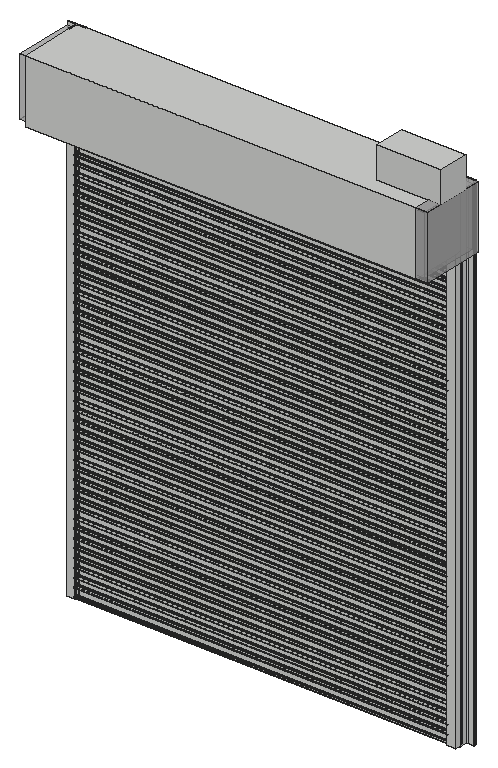
Revit family "Door-StormDefender-FaceOfWallMount_Cookson", category Doors, host Wall, Revit 2018
Family settings
  Host = Wall
  OmniClass Number = 23.30.10.17.27.11
  OmniClass Title = Overhead Coiling
  Always vertical = Yes
  Cut with Voids When Loaded = No
  Shared = No
  Room Calculation Point = No
Parameters (values of type "See Type Catalog")
  Type Comments = ""
  SpectraSheild Coating Information [instance] = "https://www.cooksondoor.com/accessory/spectrashield-powder-coating"
  Sizing for Opening Size = "Minimum 3ft x 3ft and Max Openings up to 14ft wide x 16ft high"  # constant formula
  Rating Offset = 0' - 5"
  Product Page = "https://www.cooksondoor.com/product/stormdefender-door_k"
  Opening Width = 14' - 0"
  Non-Fire-Rated (PSD361) = no
  Listings = "ICC 500 - 2014, FEMA P-361, [UL10B, UL1784 (fire rated model only)]"  # constant formula
  Jamb Dimension Note = "4 - 8In wide and 5-6In deep. Consult Cookson when dimensions are critical."  # constant formula
  Operator Right Side Horizontal OR = no
  Operator Left Side Horizontal OR = no
  Opening Height = 16' - 0"
  Operator Right Side Top OR = yes
  Operator Left Side Top OR = no
  Guide Height = Height - A Coil Hood Height  # 16' - 9"
  Fire-Rated (PRSD361) [instance] = yes
  E = 0' - 7 3/8"
  D = 0' - 3 1/2"  # constant formula
  Rough Height = 7' - 10 1/2"
  Revit Model Download Link = ""
  Product Options = "Seismic Performance Validation. Standard Emergency Annuciator: [ADA Compliant horn/strobe.  Voice Warning Module                                 \r\nStandard : Emergency Annunciator: [ADA compliant horn/strobe] [Voice Warning Module] emergency annunciator to give advanced warning that door is about to close, activating warning signal upon alarm or activation. \r\nStandard : Battery Back-Up: Model R-BBU Battery Back-Up System for AlarmGard Motor Operator: Prevent gravity closure for a minimum of four hours due to power failure.\r\nOperator and Full Bracket Mechanism Cover: Provide minimum 24 gauge [galvanized steel] [stainless steel] sheet metal cover [to provide weather resistance] [to enclose exposed moving operating components] at coil area of unit. Finish to match door hood."  # constant formula
  Operator Width = Width + 0' 9"  # 14' - 9"
  Guard Width = Width + if(Rating Offset = 0' 4 1/2", 0' 2 1/4", 0' 3 1/4")  # 14' - 3 1/4"
  Function = (empty or 0)
  Door Material [instance] = Metal - Stainless Steel - Cookson - SpectraShield Powder Coating - Light Gray
  Cost Note = "Based on size, materials selected. Consult Cookson."  # constant formula
  Cost = 0
  Cookson Products = "https://www.cooksondoor.com/products/rolling-doors"
  Cookson Custom Finishes [instance] = "https://www.cooksondoor.com/product-customization/ral-colors"
  Coil Dimension Note = "Consult Cornell when dimensions are critical."  # constant formula
  Clearances on Operator side Note = "9In-11In wide. Consult Cookson when dimensions are critical."  # constant formula
  Clearances on Adjuster side Note = "6In - 8In wide. Consult Cookson when dimensions are critical."  # constant formula
  CAD Resources = "https://www.cooksondoor.com/architect-tools-and-resources/generate-a-drawing?door=stormDefender.jsp"
  C = 0' - 5 1/2"  # constant formula
  Mounting = "Face of Wall "  # constant formula
  Wall Construction = "Steel or Masonry"  # constant formula
  Specifications = "https://www.cooksondoor.com/architectural-resource-homepage/download-library"
  Cookson Projects = "https://www.cooksondoor.com/inspiration"
  URL = "https://www.cooksondoor.com/"
  Subcategory = "Roll Up"
  Operator Height = 5' - 4"
  Operation = "Motor Operator"  # constant formula
  Operator on Right = not(or(Operator Left Side Horizontal OR, Operator Left Side Top OR))  # yes
  Operator on Left = not(or(Operator Right Side Horizontal OR, Operator Right Side Top OR))  # no
  Model = "PRSD361"
  Manufacturer = "Cookson:  1901 Litchfield Road, Goodyear, AZ 85338.  Telephone: (800) 294-4358"  # constant formula
  LEED Information = "https://www.cooksondoor.com/architectural-resource-homepage/leed-information"
  Height = Opening Height + 3' 2"  # 19' - 2"
  Wall Closure = (empty or 0)
  Width = if(Opening Width < 3' 0", 3' 0", if(Opening Width > 15' 0", 15' 0", Opening Width))  # 14' - 0"
  Description = "StormDefender is designed specifically to protect life in safe rooms for hurricanes and tornados. It is certified to stringent ICC500-2014 and FEMA P-361, Third Edition code standards, and connects directly to the building's alarm ssytem, ensuring the door deploys on alarm. The door is completely recessed in the ceiling, allowing complete design freedom for Safe Rooms in public institutions. A listed fire rated version is also available."  # constant formula
  Construction Type = ""
  B Coil Hood Depth = A Coil Hood Height  # 2' - 5"
  Assembly Code = "B2030410"
  Analytic Construction = "<None>"
  A Coil Hood Height = 2' - 5"
  95 CSI = "08330"  # constant formula
  Representative Disclaimer = "Cookson products are sold and installed through a nationwide network of independent distributors."  # constant formula
  Distributor Locator = "https://www.cooksondoor.com/find-a-dealer"
  04 CSI = "08 33 00"  # constant formula
  # Of Slats = (Guide Height / 0' 4")  # 50
Reference planes (in)
  plane 1 "Center (Front/Back)": y = 0
  plane 2 "Center (Left/Right)": x = 36.5
  plane 3 "Left": x = -47.5
  plane 4 "Right": x = 120.5
  plane 5 "Wall Edge": y = -3.25
  plane 6 "Top of Hood": z = 230
  plane 7: z = 4.39975
  plane 8: z = 4.39975
  plane 9: z = 6.41361
  plane 10: z = 10.41361
  plane 11: y = -5.125
  plane 12 "RatingOffset": x = -52.5
  plane 13 "Right Opening": x = -50
  plane 14 "Left Opening": x = 123
  plane 15: y = -6.249
  plane 16: x = -51.625
  plane 17: x = 125.5
  plane 18: x = 124.375
  plane 19: z = 192
  plane 20: z = 201
  plane 21: x = 146.5
  plane 22: x = 74
  plane 23: z = 48
  plane 24 "CurtainSlatFace": y = -7.5625
Forms (in)
  Extrusion 1, solid, material "Metal - Stainless Steel - Cookson - SpectraShield Powder Coating - Light Gray" <- "Door Material"
    sketch origin (36.5, 5.6875, 0) x (0, 1, 0) y (0, 0, 1)
      loop
        arc (-14.54091, 1.094) -> (-14.68883, 1.03273) -> (-14.75011, 0.8848) r 0.2092
        line (-14.75011, 0.8848) -> (-14.75011, 0.2092)
        arc (-14.75011, 0.2092) -> (-14.68883, 0.06127) -> (-14.54091, 0) r 0.2092
        line (-14.54091, 0) -> (-13.4592, 0)
        arc (-13.4592, 0) -> (-13.31127, 0.06127) -> (-13.25, 0.2092) r 0.2092
        line (-13.25, 0.2092) -> (-13.25, 3.7908)
        arc (-13.25, 3.7908) -> (-13.31127, 3.93873) -> (-13.4592, 4) r 0.2092
        line (-13.4592, 4) -> (-14.54091, 4)
        arc (-14.54091, 4) -> (-14.61487, 4.03064) -> (-14.64551, 4.1046) r 0.1046
        line (-14.64551, 4.1046) -> (-14.64551, 5.2704)
        arc (-14.64551, 5.2704) -> (-14.61487, 5.34436) -> (-14.54091, 5.375) r 0.1046
        line (-14.54091, 5.375) -> (-13.8546, 5.375)
        arc (-13.8546, 5.375) -> (-13.78064, 5.34436) -> (-13.75, 5.2704) r 0.1046
        line (-13.75, 5.2704) -> (-13.75, 4.75) -> (-13.6454, 4.75) -> (-13.6454, 5.2704)
        arc (-13.6454, 5.2704) -> (-13.70667, 5.41833) -> (-13.8546, 5.4796) r 0.2092
        line (-13.8546, 5.4796) -> (-14.54091, 5.4796)
        arc (-14.54091, 5.4796) -> (-14.68883, 5.41833) -> (-14.75011, 5.2704) r 0.2092
        line (-14.75011, 5.2704) -> (-14.75011, 4.1046)
        arc (-14.75011, 4.1046) -> (-14.68883, 3.95667) -> (-14.54091, 3.8954) r 0.2092
        line (-14.54091, 3.8954) -> (-13.4592, 3.8954)
        arc (-13.4592, 3.8954) -> (-13.38524, 3.86476) -> (-13.3546, 3.7908) r 0.1046
        line (-13.3546, 3.7908) -> (-13.3546, 0.2092)
        arc (-13.3546, 0.2092) -> (-13.38524, 0.13524) -> (-13.4592, 0.1046) r 0.1046
        line (-13.4592, 0.1046) -> (-14.54091, 0.1046)
        arc (-14.54091, 0.1046) -> (-14.61487, 0.13524) -> (-14.64551, 0.2092) r 0.1046
        line (-14.64551, 0.2092) -> (-14.64551, 0.8848)
        arc (-14.64551, 0.8848) -> (-14.61487, 0.95876) -> (-14.54091, 0.9894) r 0.1046
        line (-14.54091, 0.9894) -> (-13.9375, 0.9894) -> (-13.9375, 1.094) -> (-14.54091, 1.094)
      loop
        arc (-14.35818, 0.95815) -> (-14.50611, 0.89688) -> (-14.56738, 0.74895) r 0.2092
        line (-14.56738, 0.74895) -> (-14.56738, 0.34505)
        arc (-14.56738, 0.34505) -> (-14.50611, 0.19712) -> (-14.35818, 0.13585) r 0.2092
        line (-14.35818, 0.13585) -> (-13.43273, 0.13585) -> (-13.43273, 0.24045) -> (-14.35818, 0.24045)
        arc (-14.35818, 0.24045) -> (-14.43215, 0.27109) -> (-14.46278, 0.34505) r 0.1046
        line (-14.46278, 0.34505) -> (-14.46278, 0.74895)
        arc (-14.46278, 0.74895) -> (-14.43215, 0.82291) -> (-14.35818, 0.85355) r 0.1046
        line (-14.35818, 0.85355) -> (-13.43273, 0.85355) -> (-13.43273, 0.95815) -> (-14.35818, 0.95815)
    from -85.625 to 85.625
Lines and regions (in)
  Opening 1
    outline origin (-90, -3.25, 0) x (1, 0, 0) y (0, 0, 1)
      loop
        line (42.5, 0) -> (210.5, 0) -> (210.5, 192) -> (42.5, 192) -> (42.5, 0)
  symbolic lines
    curve 1: line (-49.125, -7.5625, 0) -> (122.125, -7.5625, 0)
    curve 2: line (-49.125, -9.06261, 0) -> (-49.125, -7.5625, 0)
    curve 3: line (122.125, -9.06261, 0) -> (-49.125, -9.06261, 0)
    curve 4: line (122.125, -7.5625, 0) -> (122.125, -9.06261, 0)
Text (in)
  text "Exterior" at (-74.96733, 43.29818, 0), in view "Ref. Level"
  text "Interior" at (-74.96733, -25.14366, 0), in view "Ref. Level"
  text "Exterior" at (0, 40.15149, 123.01588), in view "Right"
  text "Interior" at (0, -64.39139, 123.01588), in view "Right"
  text "Interior" at (0, -99.68667, 224.54229), in view "Left"
  text "Exterior" at (0, 121.89301, 224.54229), in view "Left"
Dimensions and locks (in)
  equal spacing: plane 3 "Left", plane 2 "Center (Left/Right)", plane 4 "Right"
  "Width": plane 3 "Left" to plane 4 "Right"
  locked: level to plane 7 at 4.39975
  locked: level to plane 8 at 4.39975
  locked: plane 9 to level at 6.41361
  level to plane 10 = 0' - 10.41361"
  locked: plane 13 "Right Opening" to plane 3 "Left" at 2.5
  locked: plane 4 "Right" to plane 14 "Left Opening" at 2.5
  locked: plane 5 "Wall Edge" to plane 11 at 1.875
  locked: plane 5 "Wall Edge" to plane 15 at 2.999
  locked: plane 17 to plane 18 at 1.125
  "Rating Offset": plane 4 "Right" to plane 17
  "Rating Offset": plane 12 "RatingOffset" to plane 3 "Left"
  locked: plane 16 to plane 3 "Left" at 4.125
  plane 23 to level = 4' - 0"
  plane 14 "Left Opening" to plane 21 = 1' - 11 1/2"
  "Opening Height": level to plane 19
  "Height": plane 6 "Top of Hood" to level
  equal spacing: group 1, group 2, group 3, group 4, group 5, group 6, group 7, group 8, group 9, group 10, group 11, group 12, group 13, group 14, group 15, group 16, group 17, group 18, group 19, group 20, group 21, group 22, group 23, group 24, group 25, group 26, group 27, group 28, group 29, group 30, group 31, group 32, group 33, group 34, group 35, group 36, group 37, group 38, group 39, group 40, group 41, group 42, group 43, group 44, group 45, group 46, group 47, group 48, group 49, group 50  (x3)
  nested 1 to nested 1 = 2' - 5"  (x2)
  "A Coil Hood Height": nested 1 to plane 6 "Top of Hood"
  nested 1 to level = 19' - 2"
  nested 1 to level = 16' - 9"
  nested 13 to level = 19' - 2"
  plane 3 "Left" to plane 4 "Right" = 14' - 0"
  locked: plane 5 "Wall Edge" to plane 24 "CurtainSlatFace" at 4.3125
  locked: plane 5 "Wall Edge" to nested 1 at 0.25
  locked: plane 12 "RatingOffset" to Extrusion 1 at 3.375
  locked: plane 17 to Extrusion 1 at 3.375
  aligned and locked: Opening 1 sketch curve to level
  aligned and locked: plane 5 "Wall Edge" to host wall
  aligned and locked: plane 4 "Right" to Opening 1 sketch curve
  aligned and locked: plane 3 "Left" to Opening 1 sketch curve
  aligned and locked: nested 2 to plane 2 "Center (Left/Right)"
  aligned and locked: nested 3 to plane 2 "Center (Left/Right)"
  aligned and locked: nested 14 to plane 17
  aligned and locked: nested 14 to plane 5 "Wall Edge"
  aligned and locked: plane 5 "Wall Edge" to nested 13
  aligned and locked: plane 24 "CurtainSlatFace" to Extrusion 1
  aligned and locked: plane 12 "RatingOffset" to nested 13
  aligned and locked: plane 24 "CurtainSlatFace" to nested 2
  aligned and locked: curve 2 to nested 13
  aligned and locked: curve 4 to nested 14
Automatic sketch dimensions
  Opening 1 sketch curve to plane 19 = 0' - 0"
  Extrusion 1 sketch curve to Extrusion 1 sketch curve = 0' - 0"  (x37)
  Extrusion 1 sketch curve to Extrusion 1 sketch curve = 0' - 0.1046"  (x10)
  Extrusion 1 sketch curve to Extrusion 1 sketch curve = 0' - 0.60341"
  Extrusion 1 sketch curve to Extrusion 1 sketch curve = 0' - 0.68631"
  Extrusion 1 sketch curve to Extrusion 1 sketch curve = 0' - 1.08171"
  Extrusion 1 sketch curve to Extrusion 1 sketch curve = 0' - 0.1862"
  Extrusion 1 sketch curve to Extrusion 1 sketch curve = 0' - 0.02648"
  Extrusion 1 sketch curve to Extrusion 1 sketch curve = 0' - 0.50477"
  Extrusion 1 sketch curve to Extrusion 1 sketch curve = 0' - 0.02647"
  Extrusion 1 sketch curve to Extrusion 1 sketch curve = 0' - 0 1/32"
  Extrusion 1 sketch curve to Extrusion 1 sketch curve = 0' - 0.13585"
  Extrusion 1 sketch curve to Extrusion 1 sketch curve = 0' - 0.4039"
  Extrusion 1 sketch curve to Extrusion 1 sketch curve = 0' - 2.6968"
  Extrusion 1 sketch curve to Extrusion 1 sketch curve = 0' - 0 3/4"
  Extrusion 1 sketch curve to Extrusion 1 sketch curve = 0' - 0.5204"
  curve 2 to curve 3 = 14' - 3 1/4"
  curve 2 to curve 2 = 0' - 1.50011"
  Extrusion 1 sketch curve to level = 0' - 0"
  Extrusion 1 sketch curve to plane 24 "CurtainSlatFace" = 0' - 0"
  curve 4 to plane 24 "CurtainSlatFace" = 0' - 0"
  curve 4 to plane 24 "CurtainSlatFace" = 0' - 1.50011"
Nested families (in)
  nested 1: "Coil Hood" at (36.5, -12, 146.5), Door Material <- "Door Material", type "Parametric"
    with Door Material Metal - Stainless Steel - Cookson - SpectraShield Powder Coating - Light Gray, Top Right yes, Top Left no, Right yes, Operator Cover Left no, Opeator Cover Right yes, Left no
  nested 2: "Curtain Slat Design" at (120.34707, -8.51, 7.40625) x (-1, 0, 0) z (0, 0, 1), Door Material <- "Door Material", type "Parametric"
    with No Of Stuts Upper 17, No Of Stuts 18, Door Material Metal - Stainless Steel - Cookson - SpectraShield Powder Coating - Light Gray, Distance Horizontal Placement 0' - 9", Width 14' - 3 1/4"
  nested 3: "Curtain Slat Design" at (120.34707, -8.51, 11.40625) x (-1, 0, 0) z (0, 0, 1), Door Material <- "Door Material", type "Parametric"
    with No Of Stuts Upper 17, No Of Stuts 18, Door Material Metal - Stainless Steel - Cookson - SpectraShield Powder Coating - Light Gray, Distance Horizontal Placement 0' - 9", Width 14' - 3 1/4"
  nested 4: "Curtain Slat Design" at (120.34707, -8.51, 15.40625) x (-1, 0, 0) z (0, 0, 1), Door Material <- "Door Material", type "Parametric"
    with No Of Stuts Upper 17, No Of Stuts 18, Door Material Metal - Stainless Steel - Cookson - SpectraShield Powder Coating - Light Gray, Distance Horizontal Placement 0' - 9", Width 14' - 3 1/4"
  nested 5: "Curtain Slat Design" at (120.34707, -8.51, 19.40625) x (-1, 0, 0) z (0, 0, 1), Door Material <- "Door Material", type "Parametric"
    with No Of Stuts Upper 17, No Of Stuts 18, Door Material Metal - Stainless Steel - Cookson - SpectraShield Powder Coating - Light Gray, Distance Horizontal Placement 0' - 9", Width 14' - 3 1/4"
  nested 6: "Curtain Slat Design" at (120.34707, -8.51, 23.40625) x (-1, 0, 0) z (0, 0, 1), Door Material <- "Door Material", type "Parametric"
    with No Of Stuts Upper 17, No Of Stuts 18, Door Material Metal - Stainless Steel - Cookson - SpectraShield Powder Coating - Light Gray, Distance Horizontal Placement 0' - 9", Width 14' - 3 1/4"
  nested 7: "Curtain Slat Design" at (120.34707, -8.51, 27.40625) x (-1, 0, 0) z (0, 0, 1), Door Material <- "Door Material", type "Parametric"
    with No Of Stuts Upper 17, No Of Stuts 18, Door Material Metal - Stainless Steel - Cookson - SpectraShield Powder Coating - Light Gray, Distance Horizontal Placement 0' - 9", Width 14' - 3 1/4"
  nested 8: "Curtain Slat Design" at (120.34707, -8.51, 31.40625) x (-1, 0, 0) z (0, 0, 1), Door Material <- "Door Material", type "Parametric"
    with No Of Stuts Upper 17, No Of Stuts 18, Door Material Metal - Stainless Steel - Cookson - SpectraShield Powder Coating - Light Gray, Distance Horizontal Placement 0' - 9", Width 14' - 3 1/4"
  nested 9: "Curtain Slat Design" at (120.34707, -8.51, 35.40625) x (-1, 0, 0) z (0, 0, 1), Door Material <- "Door Material", type "Parametric"
    with No Of Stuts Upper 17, No Of Stuts 18, Door Material Metal - Stainless Steel - Cookson - SpectraShield Powder Coating - Light Gray, Distance Horizontal Placement 0' - 9", Width 14' - 3 1/4"
  nested 10: "Curtain Slat Design" at (120.34707, -8.51, 39.40625) x (-1, 0, 0) z (0, 0, 1), Door Material <- "Door Material", type "Parametric"
    with No Of Stuts Upper 17, No Of Stuts 18, Door Material Metal - Stainless Steel - Cookson - SpectraShield Powder Coating - Light Gray, Distance Horizontal Placement 0' - 9", Width 14' - 3 1/4"
  nested 11: "Curtain Slat Design" at (120.34707, -8.51, 43.40625) x (-1, 0, 0) z (0, 0, 1), Door Material <- "Door Material", type "Parametric"
    with No Of Stuts Upper 17, No Of Stuts 18, Door Material Metal - Stainless Steel - Cookson - SpectraShield Powder Coating - Light Gray, Distance Horizontal Placement 0' - 9", Width 14' - 3 1/4"
  nested 12: "Curtain Slat Design" at (120.34707, -8.51, 47.40625) x (-1, 0, 0) z (0, 0, 1), Door Material <- "Door Material", type "Parametric"
    with No Of Stuts Upper 17, No Of Stuts 18, Door Material Metal - Stainless Steel - Cookson - SpectraShield Powder Coating - Light Gray, Distance Horizontal Placement 0' - 9", Width 14' - 3 1/4"
  nested 13: "Jamb-Guide_Wall-2" at (-52, -9.5, 0), Door Material <- "Door Material", type "Parametric"
    with Door Material Metal - Stainless Steel - Cookson - SpectraShield Powder Coating - Light Gray, A Coil Hood Height 2' - 5"
  nested 14: "Jamb-Guide_Wall-2" at (125, -9.5, 0) x (-1, 0, 0) z (0, 0, 1), Door Material <- "Door Material", type "Parametric"
    with Door Material Metal - Stainless Steel - Cookson - SpectraShield Powder Coating - Light Gray, A Coil Hood Height 2' - 5"
  nested 15: "Curtain Slat Design" at (120.34707, -8.51, 51.40625) x (-1, 0, 0) z (0, 0, 1), Door Material <- "Door Material", type "Parametric"
    with No Of Stuts Upper 17, No Of Stuts 18, Door Material Metal - Stainless Steel - Cookson - SpectraShield Powder Coating - Light Gray, Distance Horizontal Placement 0' - 9", Width 14' - 3 1/4"
  nested 16: "Curtain Slat Design" at (120.34707, -8.51, 55.40625) x (-1, 0, 0) z (0, 0, 1), Door Material <- "Door Material", type "Parametric"
    with No Of Stuts Upper 17, No Of Stuts 18, Door Material Metal - Stainless Steel - Cookson - SpectraShield Powder Coating - Light Gray, Distance Horizontal Placement 0' - 9", Width 14' - 3 1/4"
  nested 17: "Curtain Slat Design" at (120.34707, -8.51, 59.40625) x (-1, 0, 0) z (0, 0, 1), Door Material <- "Door Material", type "Parametric"
    with No Of Stuts Upper 17, No Of Stuts 18, Door Material Metal - Stainless Steel - Cookson - SpectraShield Powder Coating - Light Gray, Distance Horizontal Placement 0' - 9", Width 14' - 3 1/4"
  nested 18: "Curtain Slat Design" at (120.34707, -8.51, 63.40625) x (-1, 0, 0) z (0, 0, 1), Door Material <- "Door Material", type "Parametric"
    with No Of Stuts Upper 17, No Of Stuts 18, Door Material Metal - Stainless Steel - Cookson - SpectraShield Powder Coating - Light Gray, Distance Horizontal Placement 0' - 9", Width 14' - 3 1/4"
  nested 19: "Curtain Slat Design" at (120.34707, -8.51, 67.40625) x (-1, 0, 0) z (0, 0, 1), Door Material <- "Door Material", type "Parametric"
    with No Of Stuts Upper 17, No Of Stuts 18, Door Material Metal - Stainless Steel - Cookson - SpectraShield Powder Coating - Light Gray, Distance Horizontal Placement 0' - 9", Width 14' - 3 1/4"
  nested 20: "Curtain Slat Design" at (120.34707, -8.51, 71.40625) x (-1, 0, 0) z (0, 0, 1), Door Material <- "Door Material", type "Parametric"
    with No Of Stuts Upper 17, No Of Stuts 18, Door Material Metal - Stainless Steel - Cookson - SpectraShield Powder Coating - Light Gray, Distance Horizontal Placement 0' - 9", Width 14' - 3 1/4"
  nested 21: "Curtain Slat Design" at (120.34707, -8.51, 75.40625) x (-1, 0, 0) z (0, 0, 1), Door Material <- "Door Material", type "Parametric"
    with No Of Stuts Upper 17, No Of Stuts 18, Door Material Metal - Stainless Steel - Cookson - SpectraShield Powder Coating - Light Gray, Distance Horizontal Placement 0' - 9", Width 14' - 3 1/4"
  nested 22: "Curtain Slat Design" at (120.34707, -8.51, 79.40625) x (-1, 0, 0) z (0, 0, 1), Door Material <- "Door Material", type "Parametric"
    with No Of Stuts Upper 17, No Of Stuts 18, Door Material Metal - Stainless Steel - Cookson - SpectraShield Powder Coating - Light Gray, Distance Horizontal Placement 0' - 9", Width 14' - 3 1/4"
  nested 23: "Curtain Slat Design" at (120.34707, -8.51, 83.40625) x (-1, 0, 0) z (0, 0, 1), Door Material <- "Door Material", type "Parametric"
    with No Of Stuts Upper 17, No Of Stuts 18, Door Material Metal - Stainless Steel - Cookson - SpectraShield Powder Coating - Light Gray, Distance Horizontal Placement 0' - 9", Width 14' - 3 1/4"
  nested 24: "Curtain Slat Design" at (120.34707, -8.51, 87.40625) x (-1, 0, 0) z (0, 0, 1), Door Material <- "Door Material", type "Parametric"
    with No Of Stuts Upper 17, No Of Stuts 18, Door Material Metal - Stainless Steel - Cookson - SpectraShield Powder Coating - Light Gray, Distance Horizontal Placement 0' - 9", Width 14' - 3 1/4"
  nested 25: "Curtain Slat Design" at (120.34707, -8.51, 91.40625) x (-1, 0, 0) z (0, 0, 1), Door Material <- "Door Material", type "Parametric"
    with No Of Stuts Upper 17, No Of Stuts 18, Door Material Metal - Stainless Steel - Cookson - SpectraShield Powder Coating - Light Gray, Distance Horizontal Placement 0' - 9", Width 14' - 3 1/4"
  nested 26: "Curtain Slat Design" at (120.34707, -8.51, 95.40625) x (-1, 0, 0) z (0, 0, 1), Door Material <- "Door Material", type "Parametric"
    with No Of Stuts Upper 17, No Of Stuts 18, Door Material Metal - Stainless Steel - Cookson - SpectraShield Powder Coating - Light Gray, Distance Horizontal Placement 0' - 9", Width 14' - 3 1/4"
  nested 27: "Curtain Slat Design" at (120.34707, -8.51, 99.40625) x (-1, 0, 0) z (0, 0, 1), Door Material <- "Door Material", type "Parametric"
    with No Of Stuts Upper 17, No Of Stuts 18, Door Material Metal - Stainless Steel - Cookson - SpectraShield Powder Coating - Light Gray, Distance Horizontal Placement 0' - 9", Width 14' - 3 1/4"
  nested 28: "Curtain Slat Design" at (120.34707, -8.51, 103.40625) x (-1, 0, 0) z (0, 0, 1), Door Material <- "Door Material", type "Parametric"
    with No Of Stuts Upper 17, No Of Stuts 18, Door Material Metal - Stainless Steel - Cookson - SpectraShield Powder Coating - Light Gray, Distance Horizontal Placement 0' - 9", Width 14' - 3 1/4"
  nested 29: "Curtain Slat Design" at (120.34707, -8.51, 107.40625) x (-1, 0, 0) z (0, 0, 1), Door Material <- "Door Material", type "Parametric"
    with No Of Stuts Upper 17, No Of Stuts 18, Door Material Metal - Stainless Steel - Cookson - SpectraShield Powder Coating - Light Gray, Distance Horizontal Placement 0' - 9", Width 14' - 3 1/4"
  nested 30: "Curtain Slat Design" at (120.34707, -8.51, 111.40625) x (-1, 0, 0) z (0, 0, 1), Door Material <- "Door Material", type "Parametric"
    with No Of Stuts Upper 17, No Of Stuts 18, Door Material Metal - Stainless Steel - Cookson - SpectraShield Powder Coating - Light Gray, Distance Horizontal Placement 0' - 9", Width 14' - 3 1/4"
  nested 31: "Curtain Slat Design" at (120.34707, -8.51, 115.40625) x (-1, 0, 0) z (0, 0, 1), Door Material <- "Door Material", type "Parametric"
    with No Of Stuts Upper 17, No Of Stuts 18, Door Material Metal - Stainless Steel - Cookson - SpectraShield Powder Coating - Light Gray, Distance Horizontal Placement 0' - 9", Width 14' - 3 1/4"
  nested 32: "Curtain Slat Design" at (120.34707, -8.51, 119.40625) x (-1, 0, 0) z (0, 0, 1), Door Material <- "Door Material", type "Parametric"
    with No Of Stuts Upper 17, No Of Stuts 18, Door Material Metal - Stainless Steel - Cookson - SpectraShield Powder Coating - Light Gray, Distance Horizontal Placement 0' - 9", Width 14' - 3 1/4"
  nested 33: "Curtain Slat Design" at (120.34707, -8.51, 123.40625) x (-1, 0, 0) z (0, 0, 1), Door Material <- "Door Material", type "Parametric"
    with No Of Stuts Upper 17, No Of Stuts 18, Door Material Metal - Stainless Steel - Cookson - SpectraShield Powder Coating - Light Gray, Distance Horizontal Placement 0' - 9", Width 14' - 3 1/4"
  nested 34: "Curtain Slat Design" at (120.34707, -8.51, 127.40625) x (-1, 0, 0) z (0, 0, 1), Door Material <- "Door Material", type "Parametric"
    with No Of Stuts Upper 17, No Of Stuts 18, Door Material Metal - Stainless Steel - Cookson - SpectraShield Powder Coating - Light Gray, Distance Horizontal Placement 0' - 9", Width 14' - 3 1/4"
  nested 35: "Curtain Slat Design" at (120.34707, -8.51, 131.40625) x (-1, 0, 0) z (0, 0, 1), Door Material <- "Door Material", type "Parametric"
    with No Of Stuts Upper 17, No Of Stuts 18, Door Material Metal - Stainless Steel - Cookson - SpectraShield Powder Coating - Light Gray, Distance Horizontal Placement 0' - 9", Width 14' - 3 1/4"
  nested 36: "Curtain Slat Design" at (120.34707, -8.51, 135.40625) x (-1, 0, 0) z (0, 0, 1), Door Material <- "Door Material", type "Parametric"
    with No Of Stuts Upper 17, No Of Stuts 18, Door Material Metal - Stainless Steel - Cookson - SpectraShield Powder Coating - Light Gray, Distance Horizontal Placement 0' - 9", Width 14' - 3 1/4"
  nested 37: "Curtain Slat Design" at (120.34707, -8.51, 139.40625) x (-1, 0, 0) z (0, 0, 1), Door Material <- "Door Material", type "Parametric"
    with No Of Stuts Upper 17, No Of Stuts 18, Door Material Metal - Stainless Steel - Cookson - SpectraShield Powder Coating - Light Gray, Distance Horizontal Placement 0' - 9", Width 14' - 3 1/4"
  nested 38: "Curtain Slat Design" at (120.34707, -8.51, 143.40625) x (-1, 0, 0) z (0, 0, 1), Door Material <- "Door Material", type "Parametric"
    with No Of Stuts Upper 17, No Of Stuts 18, Door Material Metal - Stainless Steel - Cookson - SpectraShield Powder Coating - Light Gray, Distance Horizontal Placement 0' - 9", Width 14' - 3 1/4"
  nested 39: "Curtain Slat Design" at (120.34707, -8.51, 147.40625) x (-1, 0, 0) z (0, 0, 1), Door Material <- "Door Material", type "Parametric"
    with No Of Stuts Upper 17, No Of Stuts 18, Door Material Metal - Stainless Steel - Cookson - SpectraShield Powder Coating - Light Gray, Distance Horizontal Placement 0' - 9", Width 14' - 3 1/4"
  nested 40: "Curtain Slat Design" at (120.34707, -8.51, 151.40625) x (-1, 0, 0) z (0, 0, 1), Door Material <- "Door Material", type "Parametric"
    with No Of Stuts Upper 17, No Of Stuts 18, Door Material Metal - Stainless Steel - Cookson - SpectraShield Powder Coating - Light Gray, Distance Horizontal Placement 0' - 9", Width 14' - 3 1/4"
  nested 41: "Curtain Slat Design" at (120.34707, -8.51, 155.40625) x (-1, 0, 0) z (0, 0, 1), Door Material <- "Door Material", type "Parametric"
    with No Of Stuts Upper 17, No Of Stuts 18, Door Material Metal - Stainless Steel - Cookson - SpectraShield Powder Coating - Light Gray, Distance Horizontal Placement 0' - 9", Width 14' - 3 1/4"
  nested 42: "Curtain Slat Design" at (120.34707, -8.51, 159.40625) x (-1, 0, 0) z (0, 0, 1), Door Material <- "Door Material", type "Parametric"
    with No Of Stuts Upper 17, No Of Stuts 18, Door Material Metal - Stainless Steel - Cookson - SpectraShield Powder Coating - Light Gray, Distance Horizontal Placement 0' - 9", Width 14' - 3 1/4"
  nested 43: "Curtain Slat Design" at (120.34707, -8.51, 163.40625) x (-1, 0, 0) z (0, 0, 1), Door Material <- "Door Material", type "Parametric"
    with No Of Stuts Upper 17, No Of Stuts 18, Door Material Metal - Stainless Steel - Cookson - SpectraShield Powder Coating - Light Gray, Distance Horizontal Placement 0' - 9", Width 14' - 3 1/4"
  nested 44: "Curtain Slat Design" at (120.34707, -8.51, 167.40625) x (-1, 0, 0) z (0, 0, 1), Door Material <- "Door Material", type "Parametric"
    with No Of Stuts Upper 17, No Of Stuts 18, Door Material Metal - Stainless Steel - Cookson - SpectraShield Powder Coating - Light Gray, Distance Horizontal Placement 0' - 9", Width 14' - 3 1/4"
  nested 45: "Curtain Slat Design" at (120.34707, -8.51, 171.40625) x (-1, 0, 0) z (0, 0, 1), Door Material <- "Door Material", type "Parametric"
    with No Of Stuts Upper 17, No Of Stuts 18, Door Material Metal - Stainless Steel - Cookson - SpectraShield Powder Coating - Light Gray, Distance Horizontal Placement 0' - 9", Width 14' - 3 1/4"
  nested 46: "Curtain Slat Design" at (120.34707, -8.51, 175.40625) x (-1, 0, 0) z (0, 0, 1), Door Material <- "Door Material", type "Parametric"
    with No Of Stuts Upper 17, No Of Stuts 18, Door Material Metal - Stainless Steel - Cookson - SpectraShield Powder Coating - Light Gray, Distance Horizontal Placement 0' - 9", Width 14' - 3 1/4"
  nested 47: "Curtain Slat Design" at (120.34707, -8.51, 179.40625) x (-1, 0, 0) z (0, 0, 1), Door Material <- "Door Material", type "Parametric"
    with No Of Stuts Upper 17, No Of Stuts 18, Door Material Metal - Stainless Steel - Cookson - SpectraShield Powder Coating - Light Gray, Distance Horizontal Placement 0' - 9", Width 14' - 3 1/4"
  nested 48: "Curtain Slat Design" at (120.34707, -8.51, 183.40625) x (-1, 0, 0) z (0, 0, 1), Door Material <- "Door Material", type "Parametric"
    with No Of Stuts Upper 17, No Of Stuts 18, Door Material Metal - Stainless Steel - Cookson - SpectraShield Powder Coating - Light Gray, Distance Horizontal Placement 0' - 9", Width 14' - 3 1/4"
  nested 49: "Curtain Slat Design" at (120.34707, -8.51, 187.40625) x (-1, 0, 0) z (0, 0, 1), Door Material <- "Door Material", type "Parametric"
    with No Of Stuts Upper 17, No Of Stuts 18, Door Material Metal - Stainless Steel - Cookson - SpectraShield Powder Coating - Light Gray, Distance Horizontal Placement 0' - 9", Width 14' - 3 1/4"
  nested 50: "Curtain Slat Design" at (120.34707, -8.51, 191.40625) x (-1, 0, 0) z (0, 0, 1), Door Material <- "Door Material", type "Parametric"
    with No Of Stuts Upper 17, No Of Stuts 18, Door Material Metal - Stainless Steel - Cookson - SpectraShield Powder Coating - Light Gray, Distance Horizontal Placement 0' - 9", Width 14' - 3 1/4"
  nested 51: "Curtain Slat Design" at (120.34707, -8.51, 195.40625) x (-1, 0, 0) z (0, 0, 1), Door Material <- "Door Material", type "Parametric"
    with No Of Stuts Upper 17, No Of Stuts 18, Door Material Metal - Stainless Steel - Cookson - SpectraShield Powder Coating - Light Gray, Distance Horizontal Placement 0' - 9", Width 14' - 3 1/4"
  nested 52: "Curtain Slat Design" at (120.34707, -8.51, 199.40625) x (-1, 0, 0) z (0, 0, 1), Door Material <- "Door Material", type "Parametric"
    with No Of Stuts Upper 17, No Of Stuts 18, Door Material Metal - Stainless Steel - Cookson - SpectraShield Powder Coating - Light Gray, Distance Horizontal Placement 0' - 9", Width 14' - 3 1/4"
  nested 53: "Curtain Slat Design" at (120.34707, -8.51, 203.40625) x (-1, 0, 0) z (0, 0, 1), Door Material <- "Door Material", type "Parametric"
    with No Of Stuts Upper 17, No Of Stuts 18, Door Material Metal - Stainless Steel - Cookson - SpectraShield Powder Coating - Light Gray, Distance Horizontal Placement 0' - 9", Width 14' - 3 1/4"
Definition of nested family "Coil Hood"
  Parameters (values of type "Parametric")
    Width = 14' - 9"
    Top Right = no
    Top Left = yes
    Top Operator CL = (B Coil Hood Depth / 2) - 0' 7 1/8"  # 0' - 7 3/8"
    Right Motor Visible = not(Motor)  # yes
    Right = no
    Pull = no
    Operator Height = Height / 1.5  # 3' - 6.66667"
    Operator Extents = none
    Operator Cover Left = yes
    Opeator Cover Right = no
    Motor = no
    Door Material [instance] = none
    Line = no
    Left Motor Visible = not(Motor)  # yes
    Left = yes
    Horizontal Right = no
    Horizontal Left = no
    Height = 5' - 4"
    Hand Crank = no
    E = (A Coil Hood Height - 1' 2 1/4") / 2  # 0' - 7 3/8"
    D = 0' - 3 1/2"
    C = 0' - 5 1/2"
    Bottom Bar = none
    B Coil Hood Depth = A Coil Hood Height  # 2' - 5"
    Assembly Code = ""
    Analytic Construction = "<None>"
    A Coil Hood Height = 2' - 5"
  Reference planes (in)
    plane 1 "Center (Front/Back)": y = 0
    plane 2: z = 0
    plane 3 "Center (Left/Right)": x = 0
    plane 4: x = -98.5
    plane 5: x = 98.5
    plane 6: z = 64
    plane 7: y = 8.5
    plane 8: z = 54.5
    plane 9: y = 6.625
    plane 10: x = -94
    plane 11: x = 94
    plane 12: x = -104
    plane 13: x = 104
    plane 14: x = 103.75
    plane 15: x = -103.75
    plane 16: z = 73.5
    plane 17: y = -13
    plane 18: y = -28.5
    plane 19: x = -87.125
    plane 20 "Left Side": x = -88.5
    plane 21 "Right Side": x = 88.5
    plane 22: y = -11.5
    plane 23: y = -26.1875
    plane 24: x = 79.3125
    plane 25: x = -79.3125
    plane 26: x = 65
    plane 27: x = -65
    plane 28: z = 83.5
    plane 29 "Top": z = 83.5
    plane 30: y = -20.5
    plane 31 "Horz CL": z = 69
  Forms (in)
    Sweep 1, solid, material <- "Door Material"
      path origin (-42.75, -180, 54.5) x (0, -1, 0) y (1, 0, 0)
        loop
          line (-188.5, -45.75) -> (-188.5, 131.25)
      profile "Profile_Hood : Profile_Hood" origin (0, 8.5, 54.5) x (0, 1, 0) y (0, 0, 1)
        loop
          line (-29, 29) -> (-29, 0) -> (0, 0) -> (0, 29) -> (-29, 29)
    Sweep 2, solid, material <- "Operator Extents", visible <- "Operator Cover Left"
      path origin (0, 0, 0) x (1, 0, 0) y (0, 0, 1)
        loop
          line (-88.5, 64) -> (-94, 64)
      profile origin (-91.25, 0, 64) x (0, 0, -1) y (0, -1, 0)
        loop
          line (-19.5, 20.5) -> (-19.5, -8.5) -> (9.5, -8.5) -> (9.5, 20.5) -> (-19.5, 20.5)
    Sweep 3, solid, material <- "Operator Extents", visible <- "Opeator Cover Right"
      path origin (0, 0, 0) x (-1, 0, 0) y (0, 0, 1)
        loop
          line (-88.5, 64) -> (-94, 64)
      profile origin (91.25, 0, 64) x (0, 0, 1) y (0, -1, 0)
        loop
          line (19.5, -8.5) -> (19.5, 20.5) -> (-9.5, 20.5) -> (-9.5, -8.5) -> (19.5, -8.5)
    Extrusion 4, solid, material <- "Door Material", visible <- "Horizontal Right"
      sketch origin (0.8125, 0, -0.8125) x (1, 0, 0) y (0, 1, 0)
        loop
          line (93.1875, -35.1875) -> (93.1875, -20.5) -> (64.1875, -20.5) -> (64.1875, -35.1875) -> (93.1875, -35.1875)
      from 62.6875 to 76.9375
    Extrusion 5, solid, material <- "Door Material", visible <- "Horizontal Left"
      sketch origin (-0.8125, 0, -12.21875) x (1, 0, 0) y (0, 1, 0)
        loop
          line (-93.1875, -35.1875) -> (-64.1875, -35.1875) -> (-64.1875, -20.5) -> (-93.1875, -20.5) -> (-93.1875, -35.1875)
      from 74.09375 to 88.34375
    Extrusion 6, solid, material <- "Door Material", visible <- "Top Left"
      sketch origin (0, 0, 83.5) x (0, 1, 0) y (-1, 0, 0)
        loop
          line (1.125, 94) -> (-13.125, 94) -> (-13.125, 65) -> (1.125, 65) -> (1.125, 94)
      from 0 to 14.25
    Extrusion 7, solid, material <- "Door Material", visible <- "Top Right"
      sketch origin (0, 0, 83.5) x (0, 1, 0) y (-1, 0, 0)
        loop
          line (1.125, -94) -> (1.125, -65) -> (-13.125, -65) -> (-13.125, -94) -> (1.125, -94)
      from 0 to 14.25
    Extrusion 8, solid, material <- "Operator Extents", visible <- "Opeator Cover Right"
      sketch origin (-88.5, 0, 0) x (0, 0, 1) y (0, -1, 0)
        loop
          line (82.5, -7.5) -> (82.5, 19.5) -> (55.5, 19.5) -> (55.5, -7.5) -> (82.5, -7.5)
      from 0 to -3.5
    Extrusion 9, solid, material <- "Operator Extents"
      sketch origin (88.5, 0, 0) x (0, 0, 1) y (0, 1, 0)
        loop
          line (82.5, -19.5) -> (82.5, 7.5) -> (55.5, 7.5) -> (55.5, -19.5) -> (82.5, -19.5)
      from 0 to -3.5
  Lines and regions (in)
    symbolic lines, visible <- "Left"
      curve 1: line (-94, -22.5, 0) -> (-94, 8.5, 0)
    symbolic lines
      curve 2: line (-94, -20.5, 0) -> (94, -20.5, 0)
      curve 9: line (94, -20.5, 0) -> (94, 8.5, 0)
      curve 12: line (-94, 8.5, 0) -> (-94, -20.5, 0)
    symbolic lines, visible <- "Top Left"
      curve 3: line (-65, -35.1875, 0) -> (-65, -20.5, 0)
      curve 4: line (-94, -35.1875, 0) -> (-65, -35.1875, 0)
      curve 5: line (-94, -20.5, 0) -> (-94, -35.1875, 0)
      curve 11: line (-94, -20.5, 0) -> (-94, -35.1875, 0)
    symbolic lines, visible <- "Top Right"
      curve 6: line (65, -20.5, 0) -> (65, -35.1875, 0)
      curve 7: line (65, -35.1875, 0) -> (94, -35.1875, 0)
      curve 8: line (94, -35.1875, 0) -> (94, -20.5, 0)
    symbolic lines, visible <- "Right"
      curve 10: line (94, 8.5, 0) -> (94, -22.5, 0)
    symbolic lines, visible <- "Horizontal Left"
      curve 13: line (-65, -13.125, 0) -> (-65, 1.125, 0)
      curve 14: line (-94, -13.125, 0) -> (-65, -13.125, 0)
      curve 15: line (-94, 1.125, 0) -> (-65, 1.125, 0)
    symbolic lines, visible <- "Horizontal Right"
      curve 16: line (65, -13.125, 0) -> (65, 1.125, 0)
      curve 17: line (94, -13.125, 0) -> (65, -13.125, 0)
      curve 18: line (94, 1.125, 0) -> (65, 1.125, 0)
  Dimensions and locks (in)
    equal spacing: plane 4, plane 3 "Center (Left/Right)", plane 5
    "Height": plane 6 to level
    locked: plane 7 to plane 1 "Center (Front/Back)" at 8.5
    locked: plane 7 to plane 9 at 1.875
    locked: plane 11 to plane 5 at 4.5
    locked: plane 4 to plane 10 at 4.5
    locked: plane 12 to plane 4 at 5.5
    locked: plane 13 to plane 5 at 5.5
    locked: plane 12 to plane 15 at 0.25
    plane 14 to plane 13 = 0' - 0 1/4"
    equal spacing: plane 8, plane 6, plane 16
    plane 8 to plane 16 = 1' - 7"
    locked: plane 7 to plane 17 at 21.5
    locked: plane 17 to plane 18 at 15.5
    plane 7 to plane 17 to plane 18 = 1' - 9 1/2", 1' - 3 1/2"
    locked: plane 19 to plane 10 at 6.875
    "C": plane 20 "Left Side" to plane 10
    "C": plane 21 "Right Side" to plane 11
    plane 22 to plane 23 = 1' - 2 11/16"
    locked: plane 24 to plane 11 at 14.6875
    locked: plane 25 to plane 10 at 14.6875
    locked: plane 26 to plane 11 at 29
    locked: plane 27 to plane 10 at 29
    locked: Extrusion 5 sketch curve to Extrusion 5 sketch curve at 14.6875
    locked: Extrusion 5 to Extrusion 5 at 14.25
    locked: Extrusion 4 sketch curve to Extrusion 4 sketch curve at 14.6875
    "B Coil Hood Depth": plane 7 to plane 30
    "A Coil Hood Height": plane 8 to plane 29 "Top"
    equal spacing: plane 11, plane 3 "Center (Left/Right)", plane 10
    "Width": plane 21 "Right Side" to plane 20 "Left Side"
    equal spacing: plane 29 "Top", plane 31 "Horz CL", plane 8
    locked: plane 31 "Horz CL" to Extrusion 5 at 7.125
    locked: Extrusion 6 sketch curve to Extrusion 6 sketch curve at 14.25
    locked: Extrusion 7 sketch curve to Extrusion 7 sketch curve at 14.25
    "Top Operator CL": plane 7 to Extrusion 6
    locked: plane 29 "Top" to Extrusion 8 sketch curve at 1
    locked: Extrusion 8 sketch curve to plane 30 at 1
    locked: plane 8 to Extrusion 8 sketch curve at 1
    locked: plane 7 to Extrusion 8 sketch curve at 1
    locked: plane 20 "Left Side" to Extrusion 8 at 3.5
    locked: plane 21 "Right Side" to Extrusion 9 at 3.5
    aligned and locked: Sweep 1 sketch curve to plane 7
    aligned and locked: plane 20 "Left Side" to Sweep 1 sketch curve
    aligned and locked: plane 21 "Right Side" to Sweep 1 sketch curve
    aligned and locked: plane 20 "Left Side" to Sweep 2 sketch curve
    aligned and locked: plane 10 to Sweep 2 sketch curve
    aligned and locked: plane 21 "Right Side" to Sweep 3 sketch curve
    aligned and locked: plane 11 to Sweep 3 sketch curve
    aligned and locked: Extrusion 4 to plane 11
    aligned and locked: plane 26 to Extrusion 4
    aligned and locked: plane 27 to Extrusion 5
    aligned and locked: Sweep 2 sketch curve to Sweep 1  (x4)
    aligned and locked: Sweep 3 sketch curve to Sweep 1  (x4)
    aligned and locked: Extrusion 5 sketch curve to Sweep 2
    aligned and locked: Sweep 1 to Extrusion 4 sketch curve
    aligned and locked: curve 2 to Sweep 1
    aligned and locked: curve 3 to Extrusion 5
    aligned and locked: curve 4 to Extrusion 5
    aligned and locked: curve 5 to Extrusion 5
    aligned and locked: curve 6 to Extrusion 4
    aligned and locked: curve 7 to Extrusion 4
    aligned and locked: curve 8 to Extrusion 4
    aligned and locked: curve 9 to Sweep 3
    aligned and locked: curve 11 to Extrusion 5
    aligned and locked: curve 12 to Sweep 2
    aligned and locked: Extrusion 4 to Extrusion 5  (x2)
    aligned and locked: plane 26 to Extrusion 7 sketch curve
    aligned and locked: Extrusion 7 sketch curve to plane 11
    aligned and locked: Extrusion 7 sketch curve to Extrusion 6
    aligned and locked: Extrusion 7 to Extrusion 6
    aligned and locked: curve 15 to Extrusion 6
    aligned and locked: curve 14 to Extrusion 6
    aligned and locked: curve 18 to Extrusion 7
    aligned and locked: curve 17 to Extrusion 7
    aligned and locked: Extrusion 9 sketch curve to Extrusion 8  (x4)
  Automatic sketch dimensions
    Sweep 2 sketch curve to plane 6 = 0' - 0"
    Sweep 3 sketch curve to plane 6 = 0' - 0"
    curve 4 to plane 27 = 0' - 0"
    curve 13 to plane 27 = 0' - 0"
    curve 6 to plane 26 = 0' - 0"
    curve 16 to plane 26 = 0' - 0"
    curve 5 to plane 30 = 0' - 0"
    plane 18 to curve 6 = 0' - 6 11/16"
    plane 18 to curve 3 = 0' - 6 11/16"
    Extrusion 4 sketch curve to plane 26 = 0' - 0"
    Extrusion 4 sketch curve to plane 11 = 0' - 0"
    Extrusion 5 sketch curve to plane 10 = 0' - 0"
    Extrusion 5 sketch curve to plane 27 = 0' - 0"
    Extrusion 6 sketch curve to plane 10 = 0' - 0"
    Extrusion 6 sketch curve to plane 27 = 0' - 0"
    plane 17 to Extrusion 6 sketch curve = 0' - 0 1/8"
    curve 1 to curve 5 = 0' - 2"
    curve 1 to plane 7 = 0' - 0"
    curve 10 to curve 2 = 0' - 2"
    plane 7 to curve 9 = 0' - 0"
Definition of nested family "Curtain Slat Design"
  Parameters (values of type "Parametric")
    Width = 14' - 2 1/4"
    Vertical Rod Spacing = 0' - 2"
    Upper Corner Spacing = 0' - 10.22074"
    Door Material [instance] = none
    No Of Stuts Upper [instance] = Width / Distance Horizontal Placement - 2  # 17
    No Of Stuts [instance] = Width / Distance Horizontal Placement - 1  # 18
    Distance Horizontal Placement [instance] = 0' - 9"
    Curtain Spacing Vertical Chains 9" OC = no
    Curtain Spacing Vertical Chains 6" OC = yes
    Curtain Spacing Vertical Chains 3" OC = no
    Curtain Brick = yes
    Corner Spacing = 0' - 6 1/256"
    Assembly Code = ""
    Analytic Construction = "<None>"
  Reference planes (in)
    plane 1 "Center (Front/Back)": y = 0
    plane 2: z = -1.40625
    plane 3 "Center (Left/Right)": x = -1.77793
    plane 4: x = 83.34707
    plane 5: x = 168.47207
    plane 6: z = -3.40625
    plane 7: z = 0.59375
    plane 8: x = 4.22207
    plane 9: x = 162.47207
    plane 10: x = 8.72807
    plane 11: x = 61.26783
    plane 12: x = 168.44006
    plane 13: x = 157.72597
    plane 14: x = 18.46122
    plane 15: z = 0.59375
  Forms (in)
    Extrusion 1, solid, material <- "Door Material", visible <- "Curtain Brick"
      sketch origin (1.38268, 0, 0) x (0, 1, 0) y (0, 0, 1)
        loop
          line (-0.4475, 1.34375) -> (-0.4475, 1.86402)
          arc (-0.4475, 1.86402) -> (-0.41682, 1.93807) -> (-0.34277, 1.96875) r 0.10473
          line (-0.34277, 1.96875) -> (0.32172, 1.96875)
          arc (0.32172, 1.96875) -> (0.39652, 1.93777) -> (0.4275, 1.86297) r 0.10578
          line (0.4275, 1.86297) -> (0.4275, 0.69839)
          arc (0.4275, 0.69839) -> (0.39685, 0.6244) -> (0.32286, 0.59375) r 0.10464
          line (0.32286, 0.59375) -> (-0.73751, 0.59375)
          arc (-0.73751, 0.59375) -> (-0.886, 0.53225) -> (-0.9475, 0.38376) r 0.20999
          line (-0.9475, 0.38376) -> (-0.9475, -3.19733)
          arc (-0.9475, -3.19733) -> (-0.88631, -3.34506) -> (-0.73858, -3.40625) r 0.20892
          line (-0.73858, -3.40625) -> (0.09333, -3.40625)
          arc (0.09333, -3.40625) -> (0.24124, -3.34499) -> (0.3025, -3.19708) r 0.20917
          line (0.3025, -3.19708) -> (0.3025, -2.51957)
          arc (0.3025, -2.51957) -> (0.24185, -2.37315) -> (0.09543, -2.3125) r 0.20707
          line (0.09543, -2.3125) -> (-0.26, -2.3125) -> (-0.26, -2.4171) -> (0.09005, -2.4171)
          arc (0.09005, -2.4171) -> (0.16631, -2.44869) -> (0.1979, -2.52495) r 0.10785
          line (0.1979, -2.52495) -> (0.1979, -3.19637)
          arc (0.1979, -3.19637) -> (0.16706, -3.27081) -> (0.09262, -3.30165) r 0.10528
          line (0.09262, -3.30165) -> (-0.73695, -3.30165)
          arc (-0.73695, -3.30165) -> (-0.81187, -3.27062) -> (-0.8429, -3.1957) r 0.10595
          line (-0.8429, -3.1957) -> (-0.8429, 0.38533)
          arc (-0.8429, 0.38533) -> (-0.81249, 0.45874) -> (-0.73908, 0.48915) r 0.10382
          line (-0.73908, 0.48915) -> (0.3224, 0.48915)
          arc (0.3224, 0.48915) -> (0.47068, 0.55057) -> (0.5321, 0.69885) r 0.2097
          line (0.5321, 0.69885) -> (0.5321, 1.86485)
          arc (0.5321, 1.86485) -> (0.47103, 2.01228) -> (0.3236, 2.07335) r 0.2085
          line (0.3236, 2.07335) -> (-0.34389, 2.07335)
          arc (-0.34389, 2.07335) -> (-0.49112, 2.01237) -> (-0.5521, 1.86514) r 0.20821
          line (-0.5521, 1.86514) -> (-0.5521, 1.34375) -> (-0.4475, 1.34375)
      from -3.16061 to 167.08939
  Dimensions and locks (in)
    equal spacing: plane 3 "Center (Left/Right)", plane 4, plane 5
    "Width": plane 5 to plane 3 "Center (Left/Right)"
    "Vertical Rod Spacing": plane 2 to plane 6
    "Vertical Rod Spacing": plane 7 to plane 2
    locked: plane 12 to plane 5 at 0.03201
    locked: plane 8 to plane 3 "Center (Left/Right)" at 6
    locked: plane 9 to plane 5 at 6
    locked: plane 10 to plane 3 "Center (Left/Right)" at 10.506
    locked: plane 9 to plane 13 at 4.74609
    plane 15 to plane 6 = 0' - 4"
    aligned and locked: Extrusion 1 to plane 3 "Center (Left/Right)"
    aligned and locked: Extrusion 1 to plane 5
  Automatic sketch dimensions
    Extrusion 1 sketch curve to plane 6 = 0' - 0"
    Extrusion 1 sketch curve to plane 7 = 0' - 0"
    Extrusion 1 sketch curve to plane 7 = 0' - 0.20999"
    plane 1 "Center (Front/Back)" to Extrusion 1 sketch curve = 0' - 0.9475"
    plane 6 to Extrusion 1 sketch curve = 0' - 0.1046"
    Extrusion 1 sketch curve to Extrusion 1 sketch curve = 0' - 0.1046"  (x4)
    Extrusion 1 sketch curve to Extrusion 1 sketch curve = 0' - 0.00157"
    Extrusion 1 sketch curve to Extrusion 1 sketch curve = 0' - 0.10432"
    Extrusion 1 sketch curve to Extrusion 1 sketch curve = 0' - 0.00164"
    plane 1 "Center (Front/Back)" to Extrusion 1 sketch curve = 0' - 0.5521"
    Extrusion 1 sketch curve to Extrusion 1 sketch curve = 0' - 0.10361"
    Extrusion 1 sketch curve to Extrusion 1 sketch curve = 0' - 0.00112"
    Extrusion 1 sketch curve to plane 1 "Center (Front/Back)" = 0' - 0.09005"
    Extrusion 1 sketch curve to plane 1 "Center (Front/Back)" = 0' - 0.09262"
    Extrusion 1 sketch curve to plane 1 "Center (Front/Back)" = 0' - 0.09333"
    Extrusion 1 sketch curve to plane 1 "Center (Front/Back)" = 0' - 0.09543"
    Extrusion 1 sketch curve to Extrusion 1 sketch curve = 0' - 0.10247"
    Extrusion 1 sketch curve to plane 1 "Center (Front/Back)" = 0' - 0.32172"
    Extrusion 1 sketch curve to plane 7 = 0' - 0.1046"
    Extrusion 1 sketch curve to plane 1 "Center (Front/Back)" = 0' - 0.3224"
    Extrusion 1 sketch curve to Extrusion 1 sketch curve = 0' - 0.00046"
    Extrusion 1 sketch curve to Extrusion 1 sketch curve = 0' - 0.00188"  (x2)
    Extrusion 1 sketch curve to Extrusion 1 sketch curve = 0' - 0.1039"
    plane 1 "Center (Front/Back)" to Extrusion 1 sketch curve = 0' - 0.26"
    Extrusion 1 sketch curve to Extrusion 1 sketch curve = 0' - 0.67141"
    Extrusion 1 sketch curve to Extrusion 1 sketch curve = 0' - 0.00538"
    plane 7 to Extrusion 1 sketch curve = 0' - 0 3/4"
    Extrusion 1 sketch curve to Extrusion 1 sketch curve = 0' - 0.51922"
Definition of nested family "Jamb-Guide_Wall-2"
  Parameters (values of type "Parametric")
    Height = 19' - 2"
    Door Material [instance] = none
    Default Elevation = 0' - 0"
    Assembly Code = ""
    Analytic Construction = "<None>"
    A Coil Hood Height = 1' - 7"
  Reference planes (in)
    plane 1 "Center (Front/Back)": y = 0
    plane 2: z = 0
    plane 3 "Center (Left/Right)": x = 0
    plane 4: z = 211
    plane 5: y = 4.875
    plane 6: x = -2
    plane 7: y = 3
    plane 8: y = 4.875
    plane 9: y = 6.25
    plane 10: x = 4
    plane 11: x = -4
    plane 12: x = 3
    plane 13: y = 4.875
    plane 14: z = 230
  Forms (in)
    Sweep 1, solid, material <- "Door Material"
      path origin (-10.25, 0.05469, 0) x (1, 0, 0) y (0, 0, 1)
        loop
          line (10.25, 0) -> (10.25, 211)
      profile origin (0, 0.05469, 105.5) x (-1, 0, 0) y (0, -1, 0)
        loop
          line (-3.8954, -5.61181) -> (-3.8954, -2.15371)
          arc (-3.8954, -2.15371) -> (-3.865, -2.08031) -> (-3.79161, -2.04991) r 0.10379
          line (-3.79161, -2.04991) -> (-0.58281, -2.04991)
          arc (-0.58281, -2.04991) -> (-0.50983, -2.08014) -> (-0.4796, -2.15313) r 0.10321
          line (-0.4796, -2.15313) -> (-0.4796, -3.94484)
          arc (-0.4796, -3.94484) -> (-0.51038, -4.01914) -> (-0.58468, -4.04991) r 0.10508
          line (-0.58468, -4.04991) -> (-1.125, -4.04991) -> (-1.125, -4.15451) -> (-0.58547, -4.15451)
          arc (-0.58547, -4.15451) -> (-0.43664, -4.09287) -> (-0.375, -3.94404) r 0.21047
          line (-0.375, -3.94404) -> (-0.375, -2.15205)
          arc (-0.375, -2.15205) -> (-0.43555, -2.00586) -> (-0.58173, -1.94531) r 0.20673
          line (-0.58173, -1.94531) -> (-3.79119, -1.94531)
          arc (-3.79119, -1.94531) -> (-3.93884, -2.00647) -> (-4, -2.15412) r 0.20881
          line (-4, -2.15412) -> (-4, -5.612)
          arc (-4, -5.612) -> (-3.93899, -5.7593) -> (-3.79169, -5.82031) r 0.20831
          line (-3.79169, -5.82031) -> (-2.5, -5.82031) -> (-2.5, -5.71571) -> (-3.7915, -5.71571)
          arc (-3.7915, -5.71571) -> (-3.86497, -5.68528) -> (-3.8954, -5.61181) r 0.1039
    Sweep 2, solid, material <- "Door Material"
      path origin (-10.25, 0.05469, 0) x (1, 0, 0) y (0, 0, 1)
        loop
          line (10.25, 0) -> (10.25, 211)
      profile origin (0, 0.05469, 105.5) x (-1, 0, 0) y (0, -1, 0)
        loop
          line (-3.82062, -0.32031) -> (-2.875, -0.32031) -> (-2.875, -0.82031) -> (-2.375, -0.82031) -> (-2.375, -0.32031) -> (-0.75194, -0.32031)
          arc (-0.75194, -0.32031) -> (-0.4854, -0.43072) -> (-0.375, -0.69725) r 0.37694
          line (-0.375, -0.69725) -> (-0.375, -3.7622)
          arc (-0.375, -3.7622) -> (-0.32137, -3.89168) -> (-0.19188, -3.94531) r 0.18312
          line (-0.19188, -3.94531) -> (0, -3.94531) -> (0, 0.05469) -> (-4, 0.05469) -> (-4, -0.14094)
          arc (-4, -0.14094) -> (-3.94746, -0.26777) -> (-3.82062, -0.32031) r 0.17938
    Sweep 3, solid, material <- "Door Material"
      path origin (0, 0, 0) x (1, 0, 0) y (0, 0, 1)
        loop
          line (0, 0) -> (0, 230)
      profile origin (0, 0, 115) x (-1, 0, 0) y (0, -1, 0)
        loop
          line (4, -6.25) -> (4, -6) -> (-4, -6) -> (-4, -6.25) -> (4, -6.25)
    Sweep 4, solid, material <- "Door Material"
      path origin (-10.25, 0.05469, 0) x (1, 0, 0) y (0, 0, 1)
        loop
          line (10.25, 0) -> (10.25, 230)
      profile origin (0, 0.05469, 115) x (-1, 0, 0) y (0, -1, 0)
        loop
          arc (0.88004, -5.44531) -> (0.61131, -5.334) -> (0.5, -5.06527) r 0.38004
          line (0.5, -5.06527) -> (0.5, -2.1252)
          arc (0.5, -2.1252) -> (0.44731, -1.998) -> (0.32011, -1.94531) r 0.17989
          line (0.32011, -1.94531) -> (0, -1.94531) -> (0, -5.94531) -> (4, -5.94531) -> (4, -5.623)
          arc (4, -5.623) -> (3.94796, -5.49736) -> (3.82231, -5.44531) r 0.17769
          line (3.82231, -5.44531) -> (0.88004, -5.44531)
  Lines and regions (in)
    symbolic lines
      curve 1: line (4, 6.25, 0) -> (-4, 6.25, 0)
      curve 2: line (-4, 6.25, 0) -> (-4, 6, 0)
      curve 3: line (-4, 6, 0) -> (4, 6, 0)
      curve 4: line (4, 6, 0) -> (4, 6.25, 0)
      curve 5: line (0, 0, 0) -> (0, 6, 0)
      curve 6: line (-0.5, 5.12849, 0) -> (-0.5, 2.17128, 0)
      curve 7: line (-3.81808, 5.5, 0) -> (-0.87151, 5.5, 0)
      curve 8: line (-4, 6, 0) -> (-4, 5.68192, 0)
      curve 9: arc (-4, 5.68192, 0) -> (-3.94672, 5.55328, 0) -> (-3.81808, 5.5, 0) r 0.18192
      curve 10: arc (-0.87151, 5.5, 0) -> (-0.60881, 5.39119, 0) -> (-0.5, 5.12849, 0) r 0.37151
      curve 11: line (-0.32872, 2, 0) -> (0, 2, 0)
      curve 12: arc (-0.5, 2.17128, 0) -> (-0.44983, 2.05017, 0) -> (-0.32872, 2, 0) r 0.17128
      curve 13: line (0, 0, 0) -> (4, 0, 0)
      curve 14: line (4, 0, 0) -> (4, 0.20471, 0)
      curve 15: line (3.82971, 0.375, 0) -> (2.875, 0.375, 0)
      curve 16: line (2.875, 0.375, 0) -> (2.875, 0.875, 0)
      curve 17: line (2.875, 0.875, 0) -> (2.375, 0.875, 0)
      curve 18: line (2.375, 0.875, 0) -> (2.375, 0.375, 0)
      curve 19: line (2.375, 0.375, 0) -> (0.7652, 0.375, 0)
      curve 20: arc (4, 0.20471, 0) -> (3.95012, 0.32512, 0) -> (3.82971, 0.375, 0) r 0.17029
      curve 21: line (0.375, 0.7652, 0) -> (0.375, 3.82535, 0)
      curve 22: arc (0.7652, 0.375, 0) -> (0.48929, 0.48929, 0) -> (0.375, 0.7652, 0) r 0.3902
      curve 23: line (0, 4, 0) -> (0.20035, 4, 0)
      curve 24: arc (0.20035, 4, 0) -> (0.32385, 3.94885, 0) -> (0.375, 3.82535, 0) r 0.17465
      curve 25: line (0.375, 3.82535, 0) -> (0.375, 3.99906, 0)
      curve 26: line (0.58514, 4.2092, 0) -> (1.125, 4.2092, 0)
      curve 27: line (1.125, 4.2092, 0) -> (1.125, 4.1046, 0)
      curve 28: line (1.125, 4.1046, 0) -> (0.58405, 4.1046, 0)
      curve 29: arc (0.375, 3.99906, 0) -> (0.43655, 4.14765, 0) -> (0.58514, 4.2092, 0) r 0.21014
      curve 30: line (0.4796, 2.20641, 0) -> (0.4796, 4.00015, 0)
      curve 31: arc (0.58405, 4.1046, 0) -> (0.51019, 4.07401, 0) -> (0.4796, 4.00015, 0) r 0.10445
      curve 32: line (3.78897, 2.1046, 0) -> (0.58141, 2.1046, 0)
      curve 33: line (0.58173, 2, 0) -> (3.80068, 2, 0)
      curve 34: line (3.8954, 5.67019, 0) -> (3.8954, 2.21103, 0)
      curve 35: line (4, 2.19932, 0) -> (4, 5.67469, 0)
      curve 36: arc (0.58141, 2.1046, 0) -> (0.50942, 2.13442, 0) -> (0.4796, 2.20641, 0) r 0.10181
      curve 37: arc (0.375, 2.20673, 0) -> (0.43555, 2.06055, 0) -> (0.58173, 2, 0) r 0.20673
      curve 38: arc (3.8954, 2.21103, 0) -> (3.86423, 2.13577, 0) -> (3.78897, 2.1046, 0) r 0.10643
      curve 39: arc (3.80068, 2, 0) -> (3.94162, 2.05838, 0) -> (4, 2.19932, 0) r 0.19932
      curve 40: line (3.79969, 5.875, 0) -> (2.5, 5.875, 0)
      curve 41: line (2.5, 5.7704, 0) -> (3.79519, 5.7704, 0)
      curve 42: line (2.5, 5.875, 0) -> (2.5, 5.7704, 0)
      curve 43: arc (3.79519, 5.7704, 0) -> (3.86605, 5.74105, 0) -> (3.8954, 5.67019, 0) r 0.10021
      curve 44: arc (4, 5.67469, 0) -> (3.94133, 5.81633, 0) -> (3.79969, 5.875, 0) r 0.20031
  Dimensions and locks (in)
    Sweep 2 to plane 12 = 0' - 0 1/8"
    "Height": plane 14 to plane 2
    "A Coil Hood Height": plane 14 to plane 4
    aligned and locked: plane 2 to level
    aligned and locked: level to Sweep 2
    aligned and locked: level to Sweep 4
    aligned and locked: level to Sweep 1
    aligned and locked: level to Sweep 3
    aligned and locked: plane 14 to Sweep 4 sketch curve
    aligned and locked: plane 14 to Sweep 3 sketch curve
    aligned and locked: Sweep 2 sketch curve to Sweep 4
    aligned and locked: Sweep 1 sketch curve to Sweep 2
  Automatic sketch dimensions
    curve 1 to plane 9 = 0' - 0"
    curve 1 to plane 11 = 0' - 0"
    curve 23 to plane 3 "Center (Left/Right)" = 0' - 0"
    curve 20 to plane 10 = 0' - 0"
    curve 35 to plane 10 = 0' - 0"
    curve 4 to plane 10 = 0' - 0"
    plane 1 "Center (Front/Back)" to curve 13 = 0' - 0"
    curve 7 to plane 11 = 0' - 0.18192"
    curve 7 to plane 3 "Center (Left/Right)" = 0' - 0.87151"
    curve 6 to plane 3 "Center (Left/Right)" = 0' - 0 1/2"
    curve 6 to curve 12 = 0' - 0.17128"
    plane 3 "Center (Left/Right)" to curve 23 = 0' - 0.20035"
    curve 24 to curve 21 = 0' - 0.17465"
    curve 29 to curve 30 = 0' - 0.1046"
    curve 30 to curve 32 = 0' - 0.10181"
    curve 36 to curve 37 = 0' - 0.00032"
    curve 31 to curve 31 = 0' - 0.10445"
    curve 31 to curve 29 = 0' - 0.00108"
    curve 19 to plane 1 "Center (Front/Back)" = 0' - 0 3/8"
    curve 21 to curve 19 = 0' - 0.3902"
    curve 28 to curve 27 = 0' - 0.54095"
    curve 17 to plane 12 = 0' - 0 5/8"
    curve 40 to plane 12 = 0' - 0 1/2"
    curve 17 to plane 12 = 0' - 0 1/8"
    curve 32 to plane 10 = 0' - 0.21103"
    curve 41 to plane 10 = 0' - 0.20481"
    curve 43 to curve 44 = 0' - 0.0045"  (x2)
    curve 32 to curve 33 = 0' - 0 3/256"
    curve 15 to plane 10 = 0' - 0.17029"
    curve 39 to curve 34 = 0' - 0.09472"
    curve 20 to plane 1 "Center (Front/Back)" = 0' - 0.20471"
    curve 15 to curve 17 = 0' - 0 1/2"
    plane 7 to curve 11 = 0' - 1"
    plane 7 to curve 33 = 0' - 1"
    curve 32 to curve 37 = 0' - 0.10213"
    curve 21 to plane 7 = 0' - 0.82535"
    curve 21 to curve 25 = 0' - 0.17372"
    curve 29 to curve 30 = 0' - 0.00108"
    curve 6 to plane 9 = 0' - 1.12151"
    curve 34 to plane 9 = 0' - 0.57981"
    curve 8 to plane 9 = 0' - 0 1/4"
    curve 25 to curve 24 = 0' - 0"
    profile plane to Sweep 1 sketch curve = 0' - 4"
    Sweep 1 sketch curve to Sweep 1 sketch curve = 0' - 0.1046"  (x3)
    Sweep 1 sketch curve to Sweep 1 sketch curve = 0' - 0.10371"  (x2)
    Sweep 1 sketch curve to Sweep 1 sketch curve = 0' - 0.10379"
    Sweep 1 sketch curve to Sweep 1 sketch curve = 0' - 0.00019"
    Sweep 1 sketch curve to Sweep 1 sketch curve = 0' - 0.00041"  (x2)
    Sweep 1 sketch curve to Sweep 1 sketch curve = 0' - 1.2915"
    profile plane to Sweep 1 sketch curve = 0' - 1 1/8"
    Sweep 1 sketch curve to Sweep 1 sketch curve = 0' - 0.53953"
    Sweep 1 sketch curve to Sweep 1 sketch curve = 0' - 0.00079"
    profile plane to Sweep 1 sketch curve = 0' - 0.58281"
    Sweep 1 sketch curve to Sweep 1 sketch curve = 0' - 0.00108"
    Sweep 1 sketch curve to Sweep 1 sketch curve = 0' - 0.10213"
    plane 5 to Sweep 1 sketch curve = 0' - 1"
    Sweep 1 sketch curve to plane 5 = 0' - 0.6658"
    Sweep 1 sketch curve to profile plane = 0' - 2.15412"
    Sweep 2 sketch curve to profile plane = 0' - 0"
    profile plane to Sweep 2 sketch curve = 0' - 0.19188"
    Sweep 2 sketch curve to Sweep 2 sketch curve = 0' - 0.18312"
    Sweep 2 sketch curve to Sweep 2 sketch curve = 0' - 0.37694"
    Sweep 2 sketch curve to Sweep 2 sketch curve = 0' - 1.62306"
    Sweep 2 sketch curve to Sweep 2 sketch curve = 0' - 0 1/2"  (x2)
    Sweep 2 sketch curve to profile plane = 0' - 0.14094"
    Sweep 2 sketch curve to Sweep 2 sketch curve = 0' - 0.94562"
    profile plane to Sweep 2 sketch curve = 0' - 0 7/128"
    Sweep 2 sketch curve to Sweep 2 sketch curve = 0' - 0.17938"
    Sweep 2 sketch curve to profile plane = 0' - 0.69725"
    Sweep 2 sketch curve to plane 8 = 0' - 1.05812"
    profile plane to Sweep 3 sketch curve = 0' - 4"
    Sweep 3 sketch curve to profile plane = 0' - 4"
    Sweep 3 sketch curve to plane 1 "Center (Front/Back)" = 0' - 6 1/4"
    Sweep 3 sketch curve to Sweep 3 sketch curve = 0' - 0 1/4"
    Sweep 4 sketch curve to profile plane = 0' - 0"
    Sweep 4 sketch curve to Sweep 4 sketch curve = 0' - 0.32011"
    Sweep 4 sketch curve to Sweep 4 sketch curve = 0' - 0.17989"
    Sweep 4 sketch curve to Sweep 4 sketch curve = 0' - 0.38004"
    plane 13 to Sweep 4 sketch curve = 0' - 0 5/8"
    Sweep 4 sketch curve to Sweep 4 sketch curve = 0' - 2.94227"
    Sweep 4 sketch curve to Sweep 4 sketch curve = 0' - 0.17769"
    Sweep 4 sketch curve to Sweep 4 sketch curve = 0' - 0 1/2"
    Sweep 4 sketch curve to profile plane = 0' - 2.1252"
    Sweep 4 sketch curve to plane 3 "Center (Left/Right)" = 0' - 0"
    Sweep 4 sketch curve to level = 0' - 0"
    Sweep 3 sketch curve to plane 3 "Center (Left/Right)" = 0' - 0"
    Sweep 3 sketch curve to level = 0' - 0"
    Sweep 2 sketch curve to level = 0' - 0"
    Sweep 2 sketch curve to plane 4 = 0' - 0"
    Sweep 1 sketch curve to level = 0' - 0"
    Sweep 1 sketch curve to plane 4 = 0' - 0"
